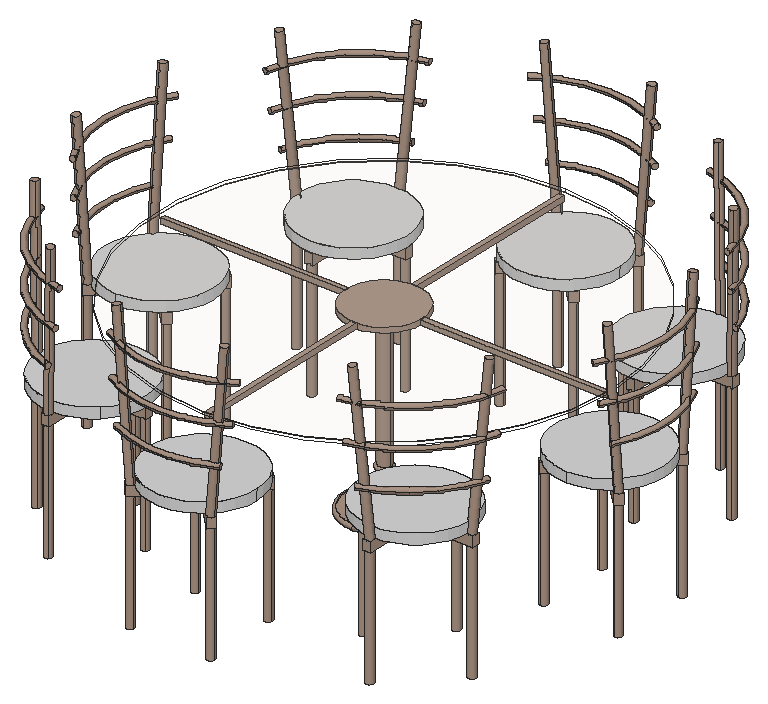
Revit family
Reference planes
  plane 1 "Center (Front/Back)": y = 0
  plane 2: z = 0
  plane 3 "Center (Left/Right)": x = 0
  plane 4: x = -900
  plane 5: x = 900
Dimensions and locks
  aligned and locked: plane 3 "Center (Left/Right)" to nested 2
  aligned and locked: nested 1 to nested 2
  aligned and locked: nested 3 to plane 3 "Center (Left/Right)"
  aligned and locked: nested 1 to nested 3
  aligned and locked: plane 4 to nested 1
  aligned and locked: plane 5 to nested 1
Nested families
  nested 1: "M_Furn - Dining Table - Circular" at (0, 0, 0), type "1000 mm dia"
    with Diameter-Glass 1800 mm
  nested 2: "M_Furn - Chair 1" at (0, 900, 0), type "430 mm dia"
  nested 3: "M_Furn - Chair 1" at (0, -900, 0), type "430 mm dia"
  nested 4: "M_Furn - Chair 1" at (-897.635, 7.825, 0) x (0.0038, 1, 0) z (0, 0, 1), type "430 mm dia"
  nested 5: "M_Furn - Chair 1" at (892.167, 2.333, 0) x (0.0044, -1, 0) z (0, 0, 1), type "430 mm dia"
  nested 6: "M_Furn - Chair 1" at (-637.198, 643.435, 0) x (0.7071, 0.7071, 0) z (0, 0, 1), type "430 mm dia"
  nested 7: "M_Furn - Chair 1" at (637.198, 643.435, 0) x (-0.7071, 0.7071, 0) z (0, 0, 1), type "430 mm dia"
  nested 8: "M_Furn - Chair 1" at (-637.198, -643.435, 0) x (0.7071, -0.7071, 0) z (0, 0, 1), type "430 mm dia"
  nested 9: "M_Furn - Chair 1" at (637.198, -643.435, 0) x (-0.7071, -0.7071, 0) z (0, 0, 1), type "430 mm dia"
Definition of nested family "M_Furn - Dining Table - Circular"
  Parameters (values of type "1000 mm dia")
    Top Material = Glass - Top
    Base Material = Wood
    Height = 750 mm
    Diameter-Base = 300 mm
    Diameter-Glass = 1000 mm
  Reference planes
    plane 1 "Center (Front/Back)": y = 0
    plane 2: z = 0
    plane 3 "Center (Left/Right)": x = 0
    plane 4: x = -500
    plane 5: x = 500
    plane 6: y = 500
    plane 7: y = -500
    plane 8: z = 750
    plane 9: y = 150
    plane 10: y = -150
    plane 11: x = -150
    plane 12: x = 150
  Forms (mm)
    Extrusion 1, solid, material "Glass - Top" <- "Top Material"
      sketch origin (0, 0, 750) x (0, 1, 0) y (-1, 0, 0)
        loop
          circle (0, 0) r 500
      from 0 to -12
    Extrusion 2, solid, material "Wood" <- "Base Material"
      sketch origin (0, 0, 750) x (0, 1, 0) y (-1, 0, 0)
        loop
          circle (0, 0) r 150
      from -12 to -32
    Extrusion 3, solid, material "Wood" <- "Base Material"
      sketch origin (0, 0, 0) x (1, 0, 0) y (0, 1, 0)
        loop
          circle (0, 0) r 150
      from 0 to 20
    Extrusion 4, solid, material "Wood" <- "Base Material"
      sketch origin (0, 0, 0) x (1, 0, 0) y (0, 1, 0)
        loop
          circle (0, 0) r 24.87
      from 20 to 718
    Sweep 5, solid, material "Wood" <- "Base Material"
      path in 3D
        loop
          arc (0, 150, 20) -> (150, 0, 20) -> (0, -150, 20) r 150
          arc (0, -150, 20) -> (-150, 0, 20) -> (0, 150, 20) r 150
      profile origin (0, 0, 0) x (-1, 0, 0) y (0, 0, 1)
        loop
          line (150, 20) -> (150, 0)
          arc (150, 0) -> (160, 10) -> (150, 20) r 10
    Sweep 6, solid, material "Wood" <- "Base Material"
      path in 3D
        loop
          arc (24.87, 0, 718) -> (0, -24.87, 718) -> (-24.87, 0, 718) r 24.87
          arc (-24.87, 0, 718) -> (0, 24.87, 718) -> (24.87, 0, 718) r 24.87
      profile origin (0, 0, 0) x (0, 1, 0) y (0, 0, 1)
        loop
          line (24.87, 718) -> (24.87, 702.551)
          arc (24.87, 702.551) -> (32.594, 710.275) -> (24.87, 718) r 7.725
    Sweep 7, solid, material "Wood" <- "Base Material"
      path in 3D
        loop
          arc (24.87, 0, 718) -> (0, -24.87, 718) -> (-24.87, 0, 718) r 24.87
          arc (-24.87, 0, 718) -> (0, 24.87, 718) -> (24.87, 0, 718) r 24.87
      profile origin (0, 0, 0) x (0, 1, 0) y (0, 0, 1)
        loop
          arc (24.87, 20) -> (32.582, 27.713) -> (24.87, 35.425) r 7.713
          line (24.87, 35.425) -> (24.87, 20)
    Sweep 8, solid, material "Wood" <- "Base Material"
      path in 3D
        loop
          arc (-24.87, 0, 305.149) -> (0, 24.87, 305.149) -> (24.87, 0, 305.149) r 24.87
          arc (24.87, 0, 305.149) -> (0, -24.87, 305.149) -> (-24.87, 0, 305.149) r 24.87
      profile origin (0, 0, 0) x (0, -1, 0) y (0, 0, 1)
        loop
          line (24.859, 169.99) -> (24.859, 155)
          arc (24.859, 155) -> (32.354, 162.495) -> (24.859, 169.99) r 7.495
    Sweep 9, solid, material "Wood" <- "Base Material"
      path in 3D
        loop
          arc (-24.87, 0, 237.866) -> (0, 24.87, 237.866) -> (24.87, 0, 237.866) r 24.87
          arc (24.87, 0, 237.866) -> (0, -24.87, 237.866) -> (-24.87, 0, 237.866) r 24.87
      profile origin (0, 0, 0) x (0, -1, 0) y (0, 0, 1)
        loop
          line (24.859, 102.707) -> (24.859, 87.718)
          arc (24.859, 87.718) -> (32.354, 95.213) -> (24.859, 102.707) r 7.495
    Extrusion 10, solid, material "Wood" <- "Base Material"
      sketch origin (0, 0, 750) x (0, 1, 0) y (-1, 0, 0)
        loop
          line (478.939, 10) -> (149.687, 10)
          arc (149.687, 10) -> (150.014, 0) -> (149.687, -10) r 153.253
          line (149.687, -10) -> (478.939, -10)
          arc (478.939, -10) -> (480, 0) -> (478.939, 10) r 47.662
      from -12 to -32
    Extrusion 11, solid, material "Wood" <- "Base Material"
      sketch origin (0, 0, 750) x (0, -1, 0) y (1, 0, 0)
        loop
          arc (478.939, -10) -> (480, 0) -> (478.939, 10) r 47.662
          line (478.939, 10) -> (149.687, 10)
          arc (149.687, 10) -> (150.014, 0) -> (149.687, -10) r 153.253
          line (149.687, -10) -> (478.939, -10)
      from -12 to -32
    Extrusion 12, solid, material "Wood" <- "Base Material"
      sketch origin (0, 0, 750) x (0, 1, 0) y (-1, 0, 0)
        loop
          line (10, -479.456) -> (10, -148.524)
          arc (10, -148.524) -> (0, -148.943) -> (-10, -148.524) r 119.448
          line (-10, -148.524) -> (-10, -479.456)
          arc (-10, -479.456) -> (0, -480.308) -> (10, -479.456) r 59.12
      from -12 to -32
    Extrusion 13, solid, material "Wood" <- "Base Material"
      sketch origin (0, 0, 750) x (0, 1, 0) y (-1, 0, 0)
        loop
          arc (10, 479.456) -> (0, 480.308) -> (-10, 479.456) r 59.12
          line (-10, 479.456) -> (-10, 149.703)
          arc (-10, 149.703) -> (0, 150.123) -> (10, 149.703) r 119.448
          line (10, 149.703) -> (10, 479.456)
      from -12 to -32
  Lines and regions (mm)
    sketch lines
      curve 1: arc (0, -150, 20) -> (-150, 0, 20) -> (0, 150, 20) r 150
      curve 2: arc (0, 150, 20) -> (150, 0, 20) -> (0, -150, 20) r 150
      curve 3: arc (-24.87, 0, 718) -> (0, 24.87, 718) -> (24.87, 0, 718) r 24.87
      curve 4: arc (24.87, 0, 718) -> (0, -24.87, 718) -> (-24.87, 0, 718) r 24.87
      curve 5: arc (-24.87, 0, 718) -> (0, 24.87, 718) -> (24.87, 0, 718) r 24.87
      curve 6: arc (24.87, 0, 718) -> (0, -24.87, 718) -> (-24.87, 0, 718) r 24.87
      curve 7: arc (24.87, 0, 305.149) -> (0, -24.87, 305.149) -> (-24.87, 0, 305.149) r 24.87
      curve 8: arc (-24.87, 0, 305.149) -> (0, 24.87, 305.149) -> (24.87, 0, 305.149) r 24.87
      curve 9: arc (24.87, 0, 237.866) -> (0, -24.87, 237.866) -> (-24.87, 0, 237.866) r 24.87
      curve 10: arc (-24.87, 0, 237.866) -> (0, 24.87, 237.866) -> (24.87, 0, 237.866) r 24.87
    symbolic lines
      curve 11: arc (0, 500, 0) -> (-500, 0, 0) -> (0, -500, 0) r 500
      curve 12: arc (0, 500, 0) -> (-500, 0, 0) -> (0, -500, 0) r 500
      curve 13: arc (0, -500, 0) -> (500, 0, 0) -> (0, 500, 0) r 500
      curve 14: arc (0, 150, 0) -> (-150, 0, 0) -> (0, -150, 0) r 150
      curve 15: arc (0, -150, 0) -> (150, 0, 0) -> (0, 150, 0) r 150
  Dimensions and locks
    equal spacing: plane 4, plane 3 "Center (Left/Right)", plane 5
    "Diameter-Glass": plane 4 to plane 5
    equal spacing: plane 7, plane 1 "Center (Front/Back)", plane 6
    "Diameter-Glass": plane 7 to plane 6
    equal spacing: plane 9, plane 1 "Center (Front/Back)", plane 10
    "Diameter-Base": plane 9 to plane 10
    equal spacing: plane 11, plane 3 "Center (Left/Right)", plane 12
    "Diameter-Base": plane 11 to plane 12
    "Height": plane 8 to level
    aligned and locked: plane 6 to Extrusion 1 sketch curve
    aligned and locked: plane 7 to Extrusion 1 sketch curve
    aligned and locked: plane 3 "Center (Left/Right)" to Extrusion 2 sketch curve
    aligned and locked: plane 10 to Extrusion 2 sketch curve
    aligned and locked: Extrusion 3 sketch curve to Extrusion 2
    aligned and locked: Extrusion 2 to Extrusion 1
    aligned and locked: Extrusion 4 to Extrusion 2
    aligned and locked: Extrusion 4 to Extrusion 3
    aligned and locked: Extrusion 3 to level
    aligned and locked: profile plane to Sweep 5 sketch curve
    aligned and locked: Extrusion 2 to Sweep 6 sketch curve
    aligned and locked: profile plane to Sweep 6 sketch curve
    aligned and locked: Sweep 7 sketch curve to Extrusion 4
    aligned and locked: Extrusion 10 sketch curve to Extrusion 10 sketch curve
    aligned and locked: Extrusion 11 sketch curve to Extrusion 11 sketch curve
    aligned and locked: Extrusion 13 to Extrusion 1
    aligned and locked: Extrusion 12 to Extrusion 1
    aligned and locked: Extrusion 12 to Extrusion 2
    aligned and locked: Extrusion 2 to Extrusion 13
    aligned and locked: Extrusion 10 to Extrusion 2
    aligned and locked: Extrusion 10 to Extrusion 1
    aligned and locked: Extrusion 2 to Extrusion 11
    aligned and locked: Extrusion 11 to Extrusion 1
    aligned and locked: curve 11 to Extrusion 1
  Automatic sketch dimensions
    Extrusion 1 sketch curve to plane 3 "Center (Left/Right)" = 0 mm
    Extrusion 2 sketch curve to plane 1 "Center (Front/Back)" = 0 mm
    Extrusion 4 sketch curve to plane 1 "Center (Front/Back)" = 0 mm
    Extrusion 4 sketch curve to plane 3 "Center (Left/Right)" = 0 mm
    Sweep 5 sketch curve to Sweep 5 sketch curve = 10 mm
    Sweep 6 sketch curve to Sweep 6 sketch curve = 7.725 mm
    Sweep 7 sketch curve to profile plane = 0 mm
    Sweep 7 sketch curve to Sweep 7 sketch curve = 7.713 mm
    profile plane to Sweep 8 sketch curve = 0.01 mm
    Sweep 8 sketch curve to Sweep 8 sketch curve = 7.495 mm
    profile plane to Sweep 9 sketch curve = 0.01 mm
    Sweep 9 sketch curve to Sweep 9 sketch curve = 7.495 mm
    Extrusion 10 sketch curve to plane 3 "Center (Left/Right)" = 0 mm
    plane 1 "Center (Front/Back)" to Extrusion 10 sketch curve = 3.239 mm
    Extrusion 10 sketch curve to plane 9 = 0.313 mm
    plane 6 to Extrusion 10 sketch curve = 21.061 mm
    plane 3 "Center (Left/Right)" to Extrusion 10 sketch curve = 10 mm
    Extrusion 10 sketch curve to Extrusion 10 sketch curve = 0 mm
    Extrusion 10 sketch curve to Extrusion 10 sketch curve = 46.602 mm
    Extrusion 11 sketch curve to plane 3 "Center (Left/Right)" = 0 mm  (x2)
    Extrusion 11 sketch curve to plane 1 "Center (Front/Back)" = 3.239 mm
    plane 10 to Extrusion 11 sketch curve = 0.313 mm
    Extrusion 11 sketch curve to plane 7 = 67.662 mm
    Extrusion 11 sketch curve to plane 3 "Center (Left/Right)" = 10 mm
    Extrusion 11 sketch curve to plane 7 = 21.061 mm
    Extrusion 12 sketch curve to plane 1 "Center (Front/Back)" = 0 mm  (x2)
    Extrusion 12 sketch curve to plane 12 = 1.476 mm
    plane 1 "Center (Front/Back)" to Extrusion 12 sketch curve = 10 mm
    Extrusion 12 sketch curve to plane 1 "Center (Front/Back)" = 10 mm
    Extrusion 12 sketch curve to plane 5 = 78.811 mm
    Extrusion 12 sketch curve to plane 5 = 20.544 mm
    plane 3 "Center (Left/Right)" to Extrusion 12 sketch curve = 29.495 mm
    Extrusion 13 sketch curve to plane 1 "Center (Front/Back)" = 0 mm  (x2)
    plane 11 to Extrusion 13 sketch curve = 0.297 mm
    plane 1 "Center (Front/Back)" to Extrusion 13 sketch curve = 10 mm
    Extrusion 13 sketch curve to plane 1 "Center (Front/Back)" = 10 mm
    Extrusion 13 sketch curve to plane 3 "Center (Left/Right)" = 30.675 mm
    plane 4 to Extrusion 13 sketch curve = 78.811 mm
    plane 4 to Extrusion 13 sketch curve = 20.544 mm
    curve 14 to plane 3 "Center (Left/Right)" = 0 mm
    curve 15 to plane 1 "Center (Front/Back)" = 0 mm
    curve 15 to plane 10 = 0 mm
    curve 12 to plane 1 "Center (Front/Back)" = 0 mm
    curve 12 to plane 3 "Center (Left/Right)" = 0 mm
    curve 12 to plane 7 = 0 mm
    radius of Extrusion 4 sketch curve = 24.87 mm
Definition of nested family "M_Furn - Chair 1"
  Parameters (values of type "430 mm dia")
    Chair Material = Teak
    Upholstry Material = Cushion
  Reference planes
    plane 1 "Center (Front/Back)": y = 0
    plane 2: z = 0
    plane 3 "Center (Left/Right)": x = 0
    plane 4: y = 158.862
  Forms (mm)
    Extrusion 1, solid, material "Cushion" <- "Upholstry Material"
      sketch origin (0, 0.01, 0) x (1, 0, 0) y (0, 1, 0)
        loop
          circle (0, 0) r 215
      from 509.714 to 549.714
    Extrusion 2, solid, material "Teak" <- "Chair Material"
      sketch origin (0, 0.01, 0) x (1, 0, 0) y (0, 1, 0)
        loop
          line (-166.17, -144.957) -> (-144.957, -166.17) -> (0, -21.213) -> (144.957, -166.17) -> (166.17, -144.957) -> (21.213, 0) -> (180.312, 159.099) -> (159.099, 180.312) -> (0, 21.213) -> (-159.099, 180.312) -> (-180.312, 159.099) -> (-21.213, 0) -> (-166.17, -144.957)
      from 509.714 to 469.714
    Extrusion 3, solid, material "Teak" <- "Chair Material"
      sketch origin (0, 0.01, 0) x (1, 0, 0) y (0, 1, 0)
        loop
          circle (-159.293, 158.906) r 15
        loop
          circle (-145.152, -144.765) r 15
        loop
          circle (145.152, -144.765) r 15
        loop
          circle (159.293, 158.906) r 15
      from 0 to 469.714
    Sweep 4, solid, material "Teak" <- "Chair Material"
      path origin (0, -41.153, 0) x (1, 0, 0) y (0, 1, 0)
        loop
          arc (-232.176, 136.96) -> (-2.745, 209.3) -> (226.686, 136.96) r 400
      profile origin (-2.745, 0, 0) x (0, 1, 0) y (0, 0, 1)
        loop
          circle (215.189, 1000) r 10
    Sweep 5, solid, material "Teak" <- "Chair Material"
      path origin (0, -41.153, -150) x (1, 0, 0) y (0, 1, 0)
        loop
          arc (-217.665, 146.656) -> (-2.745, 209.3) -> (212.175, 146.656) r 400
      profile origin (-2.745, 0, 0) x (0, 1, 0) y (0, 0, 1)
        loop
          circle (215.189, 850) r 10
    Sweep 6, solid, material "Teak" <- "Chair Material"
      path origin (0, -41.153, -300) x (1, 0, 0) y (0, 1, 0)
        loop
          arc (-187.444, 164.104) -> (-2.745, 209.3) -> (181.955, 164.104) r 400
      profile origin (-2.745, 0, 0) x (0, 1, 0) y (0, 0, 1)
        loop
          circle (215.189, 700) r 10
    Sweep 7, solid, material "Teak" <- "Chair Material"
      path origin (49.733, 158.862, 1.048) x (1, 0, 0) y (0, 0, 1)
        loop
          line (109.745, 508.667) -> (163.781, 1126.307)
      profile origin (72.485, 0, 828.509) x (-0.996195, 0, 0.087156) y (0, -1, 0)
        loop
          circle (-114.447, -158.862) r 15
    Sweep 8, solid, material "Teak" <- "Chair Material"
      path origin (-49.733, 158.862, 1.048) x (-1, 0, 0) y (0, 0, -1)
        loop
          line (109.745, -508.667) -> (163.781, -1126.307)
      profile origin (-72.485, 0, 828.509) x (0.996195, 0, 0.087156) y (0, 1, 0)
        loop
          circle (-114.447, 158.862) r 15
  Lines and regions (mm)
    symbolic lines
      curve 1: arc (-264.894, 142.534, 0) -> (-2.745, 225.189, 0) -> (259.404, 142.534, 0) r 457.043
      curve 2: arc (247.933, 126.151, 0) -> (-2.745, 205.189, 0) -> (-253.423, 126.151, 0) r 437.043
      curve 3: line (-264.894, 142.534, 0) -> (-253.423, 126.151, 0)
      curve 4: line (259.404, 142.534, 0) -> (247.933, 126.151, 0)
      curve 5: arc (215, 0.01, 0) -> (0, 215.01, 0) -> (-215, 0.01, 0) r 215
      curve 6: arc (-215, 0.01, 0) -> (0, -214.99, 0) -> (215, 0.01, 0) r 215
  Dimensions and locks
    radius of Extrusion 1 = 215 mm
    aligned and locked: Extrusion 2 sketch curve to Extrusion 2 sketch curve  (x2)
    aligned and locked: Extrusion 3 to Extrusion 2
    aligned and locked: Extrusion 1 to Extrusion 2
